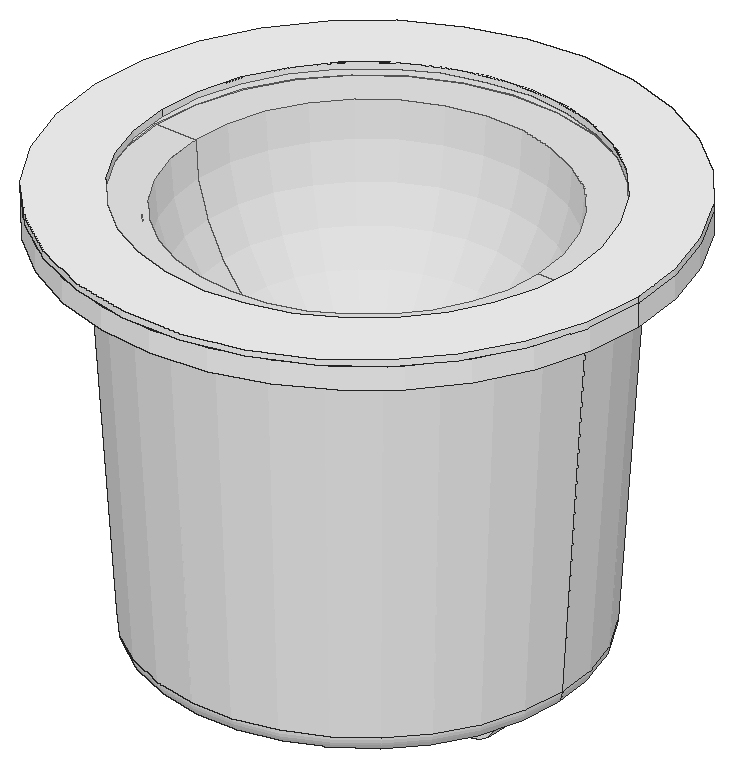
Revit family "2058961", category Lighting Fixtures, host Face, Revit 2018
Family settings
  Host = Face
  Round Connector Dimension = Use Diameter
  Part Type = Normal
  OmniClass Number = 23.80.70.11.17
  OmniClass Title = Specialized Lighting by Location or Use
  Cut with Voids When Loaded = No
  Light Source = Yes
  Shared = No
  Room Calculation Point = No
Parameters (values of type "2058961 MYRIAD DECO IP65 SP 4K DALI BK CBEZ")
  Weight = "n/a"
  Wattage = 15 W
  WarrantyStartDate [instance] = "n/a"
  WarrantyGuarantorParts = "n/a"
  WarrantyDurationUnit = "n/a"
  WarrantyDurationParts = ""
  WarrantyDescription = "http://www.sylvania-lighting.com"
  built-in parameter 1150110 = 1 (stored number, unit not read)
  Voltage = 230 V
  URL = "0"
  TypeName = "MYRIAD DECO IP65 SPOT 4000K DALI BLACK CBEZ"
  Type Image = 0
  Type Comments = ""
  built-in parameter 1114217 = 1 (stored number, unit not read)
  Tilt Angle = -90°
  built-in parameter 1150109 = 1 (stored number, unit not read)
  built-in parameter 1150134 = (empty or 0)
  built-in parameter 1150113 = 1 (stored number, unit not read)
  SerialNumber [instance] = "n/a"
  Reflector Radius = Cutout Diameter / 2 - 2.5 mm  # 35.0 mm
  Reflector Material = Aluminum_Sylvania_Myriad_Bright
  Recessed Depth = Height  # 72.0 mm
  PowerFactor = 0
  PowerConsumption = "Lighting"
  Photometric Web File = "2058961.ies"
  NominalWidth = 0.0 mm
  NominalLength = 76.0 mm
  NominalHeight = 72.0 mm
  Name = "MYRIAD DECO IP65 SPOT 4000K DALI BLACK CBEZ"
  ModelReference = "MYRIAD DECO IP65 SPOT 4000K DALI BLACK CBEZ"
  ModelNumber = "2058961"
  Material = "Feilo Sylvania"
  ManufacturerName = "113 lm/W"
  LuminousEfficacy = ""
  LuminaireType = "0"
  LightOutputRatio = "LED"
  LampsType = Lamp  # "n/a"
  LampNominalLuminous = "4000 K"
  LampMacAdamStep = "90"
  LampColourTemperature = "LED"
  LampColourRenderingIndex = "16500"
  Keynote = "n/a"
  Keynote_2 = "16500"
  InstallationDate [instance] = "n/a"
  InputVoltage = "0"
  InputNominalFrequency = "4000"
  IngressProtection = "IfcLightFixtureType"
  ImpactProtectionIndex = "IfcLightFixtureType"
  IfcExportType = "IfcLightFixtureType"
  IfcExportAs = "Class II"
  Height = 72.0 mm  # constant formula
  ExpectedLife = 50000
  Emit from Circle Diameter = Accessory Inner Diameter 2  # 68.0 mm
  Emit Shape Visible in Rendering = no
  ElectricShockClassification = "113"
  DurationUnit = "hours"
  DocumentationLiterature = "http://www.sylvania-lighting.com/product/en-int/products/2058961"
  DimmingControlOptions = "n/a"
  Diffuser Material = Glass_Sylvania_Myriad_Clear_4000K
  Diffuser Diameter = Cutout Diameter  # 75.0 mm
  Cutout Diameter = 75.0 mm  # constant formula
  CreatedOn = "03/02/2022"
  CreatedBy = "@sylvania-lighting.com"
  built-in parameter 1001205 = 0
  Cost = 0
  built-in parameter 1114216 [instance] = 1 (stored number, unit not read)
  Model = "MYRIAD DECO IP65 SPOT 4000K DALI BLACK CBEZ"
  Manufacturer = "Feilo Sylvania"  # constant formula
  built-in parameter 1150105 = 83.556 (stored number, unit not read)
  Lumens = 1050 lm
  built-in parameter 1150115 = 1 (stored number, unit not read)
  built-in parameter 1150137 = (empty or 0)
  built-in parameter 1150139 = (empty or 0)
  built-in parameter 1150112 = 1 (stored number, unit not read)
  built-in parameter 1150114 = 1 (stored number, unit not read)
  Lamp = "n/a"
  built-in parameter 1150132 = (empty or 0)
  built-in parameter 1150102 = (empty or 0)
  built-in parameter 1150107 = 2700 (stored number, unit not read)
  built-in parameter 1150138 = (empty or 0)
  built-in parameter 1150106 = 0.83556 (stored number, unit not read)
  built-in parameter 1150104 = 6.5032 (stored number, unit not read)
  Dimming Lamp Color Temperature Shift = <None>
  Description = "Supplied complete with electronic control gear Compact Fluorescent low energy downlight Emergency version passes through the cut out Ideal for low level orientation lighting New range of Architectural accessories each providing a different lit dimension New completely flush plaster up accessory ring for clean ceiling lines and smooth finish Order lamp separately"  # constant formula
  Default Elevation = 0.0 mm
  Color Filter = 16777215
  built-in parameter 1140040 [instance] = 1
  Body Radius = Reflector Radius + 1.5 mm  # 36.5 mm
  Body Material = Aluminum_Sylvania_Myriad_Gray
  BarCode [instance] = "n/a"
  built-in parameter 1114218 = 1 (stored number, unit not read)
  built-in parameter 1150133 = 10 (stored number, unit not read)
  AssetType = "Fixed"
  AssetIdentifier [instance] = "n/a"
  Assembly Code = "D5020200"
  Apparent Load = 10 VA
  Accessory Material = Aluminum_Sylvania_Myriad_White
  Accessory Inner Diameter 2 = Accessory Diameter - 22.0 mm  # 68.0 mm
  Accessory Inner Diameter 1 = Accessory Diameter - 2.0 mm  # 88.0 mm
  Accessory Diameter = Cutout Diameter + 15.0 mm  # 90.0 mm
Reference planes
  plane 1 "Center (Front/Back)": y = 0
  plane 2: z = 0
  plane 3 "Center (Left/Right)": x = 0
  plane 4: z = 2
  plane 5 "Fixture Bottom": z = 4.5
  plane 6: z = -28.5
  plane 7: z = -61.5
  plane 8 "Fixture Top": z = -67.5
  plane 9: z = 3.5
Forms (mm)
  Revolve 1, solid, material "Aluminum_Sylvania_Myriad_Bright" <- "Reflector Material", detail levels fine
    sketch origin (0, 0, 0) x (1, 0, 0) y (0, 0, 1)
      loop
        line (0, -27.515) -> (-6, -27.515)
        arc (-6, -27.515) -> (-22.333, -16.632) -> (-28.5, 2) r 30.135
        line (-28.5, 2) -> (-35, 2) -> (-35, 0) -> (-29.184, 0)
        arc (-29.184, 0) -> (-22.423, -18.18) -> (-6, -28.5) r 30.204
        line (-6, -28.5) -> (0, -28.5) -> (0, -27.515)
      axis (0, -28.5) -> (0, 2)
    angle from 0 to 360
  Revolve 2, solid, material "Aluminum_Sylvania_Myriad_Gray" <- "Body Material", detail levels fine
    sketch origin (0, 0, 0) x (1, 0, 0) y (0, 0, 1)
      loop
        line (-44, 2) -> (-44, 0) -> (-36.5, 0) -> (-32.42, -58.708)
        arc (-32.42, -58.708) -> (-31.474, -60.694) -> (-29.428, -61.5) r 3
        line (-29.428, -61.5) -> (0, -61.5) -> (0, -28.5) -> (-6, -28.5)
        arc (-6, -28.5) -> (-22.423, -18.18) -> (-29.184, 0) r 30.204
        line (-29.184, 0) -> (-35, 0) -> (-35, 2) -> (-44, 2)
      axis (0, 2) -> (0, -61.5)
    angle from 0 to 360
  Extrusion 3, solid, material "Aluminum_Sylvania_Myriad_Gray" <- "Body Material", detail levels fine
    sketch origin (0, 0, 0) x (1, 0, 0) y (0, 0, 1)
      loop
        line (-13.5, -67.5) -> (21, -67.5)
        arc (21, -67.5) -> (23.828, -66.328) -> (25, -63.5) r 4
        line (25, -63.5) -> (25, -61.5) -> (-17.5, -61.5) -> (-17.5, -63.5)
        arc (-17.5, -63.5) -> (-16.328, -66.328) -> (-13.5, -67.5) r 4
    from -4.5 to 4.5
  Extrusion 4, solid, material "Aluminum_Sylvania_Myriad_White" <- "Accessory Material", detail levels fine
    sketch origin (0, 0, 0) x (1, 0, 0) y (0, 1, 0)
      loop
        circle (0, 0) r 45
      loop
        circle (0, 0) r 44
    from 0 to 3.5
  Extrusion 5, solid, material "Aluminum_Sylvania_Myriad_White" <- "Accessory Material", detail levels fine
    sketch origin (0, 0, 0) x (1, 0, 0) y (0, 1, 0)
      loop
        circle (0, 0) r 45
      loop
        circle (0, 0) r 34
    from 3.5 to 4.5
  Extrusion 6, solid, material "Aluminum_Sylvania_Myriad_White" <- "Accessory Material", detail levels coarse+medium
    sketch origin (0, 0, 0) x (1, 0, 0) y (0, 1, 0)
      loop
        circle (0, 0) r 45
    from 0 to 4.5
  Revolve 7, solid, detail levels coarse+medium
    sketch origin (0, 0, 0) x (1, 0, 0) y (0, 0, 1)
      loop
        line (36.5, 0) -> (0, 0) -> (0, -61.5) -> (32.226, -61.5) -> (36.5, 0)
      axis (0, 0) -> (0, -61.5)
    angle from 0 to 360
  Extrusion 8, void
    sketch origin (0, 0, 0) x (1, 0, 0) y (0, 1, 0)
      loop
        circle (0, 0) r 37.5
    from -67.5 to 0
  Extrusion 9, solid, material "Glass_Sylvania_Myriad_Clear_4000K" <- "Diffuser Material", detail levels fine
    sketch origin (0, 0, 0) x (1, 0, 0) y (0, 1, 0)
      loop
        circle (0, 0) r 37.5
    from 2 to 3.5
Cuts and joins
  joined: Extrusion 4, Extrusion 5
Lines and regions (mm)
  Masking region 1
    outline origin (0, 0, 0) x (1, 0, 0) y (0, 1, 0)
      loop
        circle (0, 0) r 45
  symbolic lines
    curve 1: arc (-34, 0, 0) -> (0, 34, 0) -> (34, 0, 0) r 34
    curve 2: arc (34, 0, 0) -> (0, -34, 0) -> (-34, 0, 0) r 34
Dimensions and locks
  locked: plane 7 to plane 8 "Fixture Top" at 6
  "Body Radius": Revolve 7 sketch curve to plane 3 "Center (Left/Right)"
  locked: Revolve 7 sketch curve to Revolve 7 sketch curve at 4.274
  plane 5 "Fixture Bottom" to plane 9 to plane 4 to plane 2 to plane 6 = 1.0 mm locked, 1.5 mm locked, 2.0 mm locked, 28.5 mm locked
  "Reflector Radius": Revolve 1 sketch curve to plane 3 "Center (Left/Right)"
  Revolve 1 sketch curve to Revolve 1 sketch curve to Revolve 1 sketch curve to Revolve 1 sketch curve = 6.5 mm locked, 22.5 mm locked, 0.0 mm locked
  "Reflector Radius": plane 3 "Center (Left/Right)" to Revolve 2 sketch curve
  Revolve 2 sketch curve to Revolve 2 sketch curve to Revolve 2 sketch curve = 7.5 mm locked, 1.5 mm locked
  Revolve 2 sketch curve to Revolve 2 sketch curve to Revolve 2 sketch curve = 5.816 mm locked, 23.184 mm locked
  Revolve 2 sketch curve to Revolve 2 sketch curve to Revolve 2 sketch curve = 2.58 mm locked, 2.993 mm locked
  "Accessory Diameter": diameter of Extrusion 4 sketch curve
  "Accessory Inner Diameter 1": diameter of Extrusion 4 sketch curve
  "Accessory Diameter": diameter of Extrusion 5 sketch curve
  "Accessory Diameter": diameter of Extrusion 6 sketch curve
  "Cutout Diameter": diameter of Extrusion 8 sketch curve
  "Accessory Inner Diameter 2": diameter of Extrusion 5 sketch curve
  "Diffuser Diameter": diameter of Extrusion 9 sketch curve
  aligned and locked: plane 2 to host face
  aligned and locked: level to host face
  aligned and locked: plane 1 "Center (Front/Back)" to imposter light
  aligned and locked: plane 3 "Center (Left/Right)" to imposter light
  aligned and locked: Revolve 1 sketch curve to imposter light
  aligned and locked: Extrusion 3 sketch curve to plane 8 "Fixture Top"
  aligned and locked: plane 7 to Extrusion 3 sketch curve
  aligned and locked: Extrusion 4 to plane 2
  aligned and locked: plane 9 to Extrusion 4
  aligned and locked: Extrusion 5 to plane 9
  aligned and locked: plane 5 "Fixture Bottom" to Extrusion 5
  aligned and locked: Extrusion 6 to plane 2
  aligned and locked: plane 5 "Fixture Bottom" to Extrusion 6
  aligned and locked: Extrusion 8 to plane 8 "Fixture Top"
  aligned and locked: plane 2 to Extrusion 8
  aligned and locked: Masking region 1 sketch curve to Extrusion 6  (x2)
  aligned and locked: Extrusion 9 to plane 4
  aligned and locked: plane 9 to Extrusion 9
  aligned and locked: plane 4 to Revolve 2 sketch curve
  aligned and locked: Revolve 2 sketch curve to plane 2
  aligned and locked: curve 1 to cut or joined group of Extrusion 4, Extrusion 5
  aligned and locked: curve 2 to cut or joined group of Extrusion 4, Extrusion 5
  aligned and locked: imposter light to plane 5 "Fixture Bottom"
Automatic sketch dimensions
  host sketch curve to host sketch curve = 1305.563 mm
  host sketch curve to host sketch curve = 1283.632 mm
  Extrusion 3 sketch curve to plane 7 = 2.0 mm
  Extrusion 3 sketch curve to plane 3 "Center (Left/Right)" = 13.5 mm
  plane 3 "Center (Left/Right)" to Extrusion 3 sketch curve = 21.0 mm
  Extrusion 3 sketch curve to Extrusion 3 sketch curve = 4.0 mm
  Revolve 1 sketch curve to level = 0.0 mm
  Revolve 1 sketch curve to plane 3 "Center (Left/Right)" = 0.0 mm
  Revolve 1 sketch curve to plane 6 = 0.0 mm
  Revolve 1 sketch curve to plane 4 = 0.0 mm
  Revolve 1 sketch curve to Revolve 1 sketch curve = 0.684 mm
  level to Revolve 1 sketch curve = 0.88 mm
  Revolve 1 sketch curve to plane 4 = 0.363 mm
  Revolve 1 sketch curve to Revolve 1 sketch curve = 0.625 mm
  Revolve 1 sketch curve to plane 8 "Fixture Top" = 232.8 mm
  plane 5 "Fixture Bottom" to Revolve 1 sketch curve = 291.243 mm
  Revolve 2 sketch curve to plane 3 "Center (Left/Right)" = 0.0 mm  (x2)
  Revolve 2 sketch curve to plane 7 = 0.0 mm
  Revolve 2 sketch curve to plane 6 = 0.0 mm
  Revolve 2 sketch curve to level = 0.0 mm
  level to Revolve 2 sketch curve = 0.88 mm
  plane 7 to Revolve 2 sketch curve = 2.792 mm
  Revolve 2 sketch curve to plane 8 "Fixture Top" = 304.774 mm
  plane 5 "Fixture Bottom" to Revolve 2 sketch curve = 1137.105 mm
  Extrusion 4 sketch curve to Extrusion 4 sketch curve = 0.0 mm  (x2)
  plane 1 "Center (Front/Back)" to Extrusion 4 sketch curve = 0.0 mm
  Extrusion 4 sketch curve to plane 3 "Center (Left/Right)" = 0.0 mm
  Extrusion 5 sketch curve to Extrusion 5 sketch curve = 0.0 mm  (x2)
  plane 1 "Center (Front/Back)" to Extrusion 5 sketch curve = 0.0 mm
  Extrusion 5 sketch curve to plane 3 "Center (Left/Right)" = 0.0 mm
  plane 1 "Center (Front/Back)" to Extrusion 6 sketch curve = 0.0 mm
  Extrusion 6 sketch curve to plane 3 "Center (Left/Right)" = 0.0 mm
  Revolve 7 sketch curve to level = 0.0 mm
  Revolve 7 sketch curve to plane 3 "Center (Left/Right)" = 0.0 mm  (x2)
  Revolve 7 sketch curve to plane 7 = 0.0 mm
  Revolve 7 sketch curve to plane 8 "Fixture Top" = 304.774 mm
  plane 5 "Fixture Bottom" to Revolve 7 sketch curve = 43.226 mm
  plane 1 "Center (Front/Back)" to Extrusion 8 sketch curve = 0.0 mm
  Extrusion 8 sketch curve to plane 3 "Center (Left/Right)" = 0.0 mm
  plane 1 "Center (Front/Back)" to Extrusion 9 sketch curve = 0.0 mm
  Extrusion 9 sketch curve to plane 3 "Center (Left/Right)" = 0.0 mm
Connectors
  electrical at (-0.006, -0.019, -67.5), driven by "Apparent Load", driven by "Apparent Load"
    settings: on plane 8 "Fixture Top", index 1, voltage 230 V, apparent load 10 VA, apparent load phase1 10 VA, apparent load phase2 0 VA, apparent load phase3 0 VA, power factor 1, load classification "Lighting", number of poles 1, system type 30, power factor state 1, is connector primary yes, connector utility no, sub classification motor no, connector description ""
